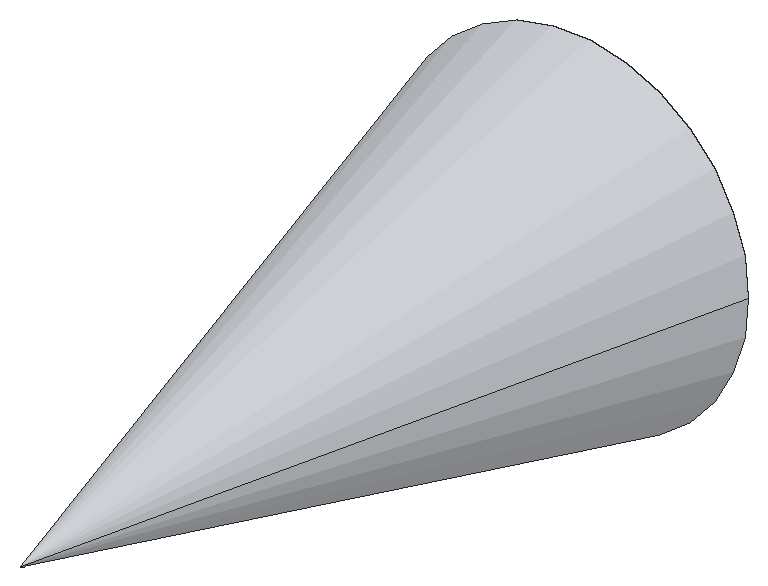
Revit family "Genelec_4010", category Generic Models, Revit 2025
Family settings
  Can host rebar = No
  Round Connector Dimension = Use Diameter
  Part Type = Normal
  Work Plane-Based = No
  Always vertical = No
  Cut with Voids When Loaded = No
  Maintain Annotation Orientation = No
  Shared = No
  Room Calculation Point = Yes
Parameters (values of type "4010 Vertical")
  Width = 121 mm
  Weight = 1.5
  Vertical Visibility = yes
  Uniclass 2.0 Description = "Sound Amplifiers"
  URL = "https://www.genelec.com/4010a"
  Type Image = <None>
  Type IFC Predefined Type = "SPEAKER"
  Type Comments = ""
  Tag = ""
  Product Group = "4000 Series Installation Speakers"
  Product Family = "Installation Speaker"
  Price List Description = "Compact aluminium cabinet with tightly controlled directivity and minimum diffraction for excellent performance. Both drivers have metal protection grilles, with 76 mm (3 in) LF and 19 mm (3/4 in)  HF transducers. Integrated crossover and Class D amplifiers 25 W + 25 W. Max. SPL 96 dB, frequency response 67 Hz - 25 kHz (- 6 dB). \r\n\r\nRoom response controls on rear panel to compensate the placement and room effects. On-Off switch on the rear panel.   Dimensions: H 181 x W 121 x D 115 mm, weight 1,5 kg."
  Power consumption Standby = "≤0.5 W (ISS Active)"
  Power consumption Idle = "≤5 W"
  Model Image = "https://images.ctfassets.net/4zjnzn055a4v/5I58xCvj4EY1pnPTliyZQk/30ff25b0b729e7aec59c65c9b2bdd5f1/PD4010AW02.jpg?fm=jpg&q=85&w=2000"
  Maximum long term RMS acoustic output in same conditions with IEC weighted noise (limited by driver unit protection circuit) = "≥ 91 dB SPL"
  Max. short term sine wave acoustic output  on axis in half space, averaged from 100Hz to 3 kHz = "≥ 96 dB SPL"
  Manufacturer Country = "Finland"
  Line Drawing = "https://assets.ctfassets.net/4zjnzn055a4v/1sgvh2CpH66YCwIkmWu4Wu/97608857a9c6bd5e059bb3df10c339fa/4010aviews.pdf"
  IFC Classification = "Electric Appliance"
  Default Elevation = 1200 mm
  Self-generated Noise = "≤5 dB"
  Power Consumption = 30 W
  Mounting Type = "Integrated mounts incl. 3/8 in mic stand and integrated rear-panel support points for mounting, extensive range of accessories available separately. Package includes mount: 8010-410B/W"
  Model Name = "4010A"
  Model Description = "Active Installation Speaker"
  Model = "4010A"
  Manufacturer = "GENELEC"
  Mains Voltage = "100-240 VAC 50/60Hz"
  IFC Name = "4010A"
  Horizontal Visibility = no
  Height = 181 mm
  Frequency Response = "67 Hz - 25 kHz (-6 dB)"
  Finish Type = "Die cast aluminium"
  Family Version = ""
  Export Type to IFC As = "IfcAudioVisualApplianceType"
  Driver Dimensions = "⌀ 76 mm Woofer+ ⌀ 19 mm Tweeter"
  Dispersion Angle = "H 130° V 110°"
  Direction Arrow [instance] = yes
  Description = "The 4010A Active Installation Loudspeaker offers in compact dimensions excellent clarity, reliability and adaptability as its larger 4000 series family members. \r\nThe 4010A Active Installation Loudspeaker offers in compact dimensions excellent clarity, reliability and adaptability as its larger 4000 series family members. \r\nThe 4010A Active Installation Loudspeaker offers in compact dimensions excellent clarity, reliability and adaptability as its larger 4000 series family members."
  Depth = 115 mm
  Connections = "1 x Euroblock Analog Input\r\n1 x Euroblock Analog Input\r\n1 x Euroblock Analog Input\r\n1 x Euroblock Analog Input"
  Color = RAL_9018_Papyrus White
  BIMobject category = "Audio Electronics"
  Acoustic Axis = "107"
  Accuracy of Frequency Response = "± 2.5 dB (74 Hz - 20 kHz)"
Types (2, lengths in mm): name | Vertical Visibility | Horizontal Visibility
  4010 Vertical | yes | no
  4010 Horizontal | no | yes
Reference planes
  plane 1 "Mitte (Vorne/hinten)": y = 0
  plane 2: z = 0
  plane 3 "Mitte (Links/rechts)": x = 0
Forms (mm)
  Extrusion 1, solid, material "RAL_9018_Papyrus White" <- "Color", visible <- "Vertical Visibility", detail levels coarse
    sketch origin (0, 0, 0) x (1, 0, 0) y (0, 0, 1)
      loop
        line (-61.041, 73) -> (-61.041, -107.5) -> (60, -107.5) -> (60, 73) -> (-61.041, 73)
    from 0 to 114.918
  Extrusion 2, solid, material "RAL_9018_Papyrus White" <- "Color", visible <- "Horizontal Visibility", detail levels coarse
    sketch origin (0, 0, 0) x (1, 0, 0) y (0, 0, 1)
      loop
        line (73.084, -60.251) -> (73.084, 59.749) -> (-106.916, 59.749) -> (-106.916, -60.251) -> (73.084, -60.251)
    from 0 to 114.918
  Extrusion 3, solid, material "RAL_9018_Papyrus White" <- "Color", visible <- "Horizontal Visibility", detail levels medium
    sketch origin (0, 0, 0) x (1, 0, 0) y (0, 0, 1)
      loop
        arc (58.024, 54.615) -> (-16.634, 60.483) -> (-91.289, 54.573) r 476.143
        arc (-91.289, 54.573) -> (-98.49, 51.417) -> (-102.104, 44.434) r 11.786
        arc (-102.104, 44.434) -> (-105.69, 22.975) -> (-106.979, 1.257) r 204.783
        arc (-106.979, 1.257) -> (-105.827, -21.725) -> (-102.104, -44.432) r 204.783
        arc (-102.104, -44.432) -> (-98.489, -51.417) -> (-91.286, -54.573) r 11.787
        arc (-91.286, -54.573) -> (-16.498, -60.483) -> (58.29, -54.573) r 476.143
        arc (58.29, -54.573) -> (65.491, -51.417) -> (69.105, -44.434) r 11.786
        arc (69.105, -44.434) -> (73.983, -0.149) -> (69.169, 44.143) r 204.783
        spline (69.169, 44.143) -> (68.931, 45.507) -> (68.535, 46.834) -> (67.987, 48.105) -> (67.294, 49.304) -> (66.466, 50.414) -> (65.514, 51.42) -> (64.452, 52.307) -> (63.292, 53.065) -> (62.053, 53.682) -> (60.749, 54.149) -> (59.401, 54.462) -> (58.024, 54.615)
    from 0 to 114.918
  Extrusion 4, solid, material "RAL_9018_Papyrus White" <- "Color", visible <- "Vertical Visibility", detail levels medium
    sketch origin (0, 0, 0) x (1, 0, 0) y (0, 0, 1)
      loop
        arc (44.164, 68.604) -> (-0.27, 73.483) -> (-44.703, 68.604) r 204.783
        arc (-44.703, 68.604) -> (-51.686, 64.99) -> (-54.842, 57.789) r 11.786
        arc (-54.842, 57.789) -> (-60.752, -17) -> (-54.842, -91.789) r 476.143
        arc (-54.842, -91.789) -> (-51.686, -98.991) -> (-44.703, -102.604) r 11.786
        arc (-44.703, -102.604) -> (-23.244, -106.19) -> (-1.526, -107.479) r 204.783
        arc (-1.526, -107.479) -> (21.456, -106.327) -> (44.163, -102.605) r 204.783
        arc (44.163, -102.605) -> (51.148, -98.99) -> (54.304, -91.786) r 11.787
        arc (54.304, -91.786) -> (60.214, -16.998) -> (54.303, 57.789) r 476.143
        arc (54.303, 57.789) -> (51.147, 64.991) -> (44.164, 68.604) r 11.786
    from 0 to 114.918
  Revolve 5, solid, visible <- "Direction Arrow"
    sketch origin (0.006, 63.079, 0.031) x (1, 0, 0) y (0, 1, 0)
      loop
        line (0, -224.533) -> (3.027, -212.76) -> (0, -212.76) -> (0, -224.533)
      axis (0, -212.76) -> (0, -224.533)
    angle from 0 to 360
Lines and regions (mm)
  model lines, visible <- "Direction Arrow"
    curve 1: line (0.006, -114.921, 0.031) -> (0.006, -161.454, 0.031)
Text (mm)
  text "Hinweis:\n\nÄndern Sie die Familienkategorie, um die passende Kategorie festzulegen.\nLöschen Sie diesen Hinweis und das Bild, bevor die Familie in das Projekt geladen wird!" at (357.802, 307.247, 0), in view "Referenzebene"
Dimensions and locks
  aligned and locked: level to plane 2
  aligned and locked: Extrusion 1 to plane 1 "Mitte (Vorne/hinten)"
  aligned and locked: Extrusion 2 to plane 1 "Mitte (Vorne/hinten)"
  aligned and locked: Extrusion 3 to plane 1 "Mitte (Vorne/hinten)"
  aligned and locked: Extrusion 4 to plane 1 "Mitte (Vorne/hinten)"
  aligned and locked: Revolve 5 sketch curve to curve 1
Nested families
  nested 1: "4010_Shells" at (0, -57.441, 0), visible <- "Vertical Visibility", type "4010_Shells", detail levels fine
  nested 2: "4010_Shells" at (0, -57.441, 0) x (0, 0, -1) z (1, 0, 0), visible <- "Horizontal Visibility", type "4010_Shells", detail levels fine
Definition of nested family "4010_Shells"
  Parameters (values of type "4010_Shells")
    Shell Material = none
    Default Elevation = 0 mm
  Reference planes
    plane 1 "Center (Front/Back)": y = 0
    plane 2: z = 0
    plane 3 "Center (Left/Right)": x = 0
  Dimensions and locks
    aligned and locked: level to plane 2
